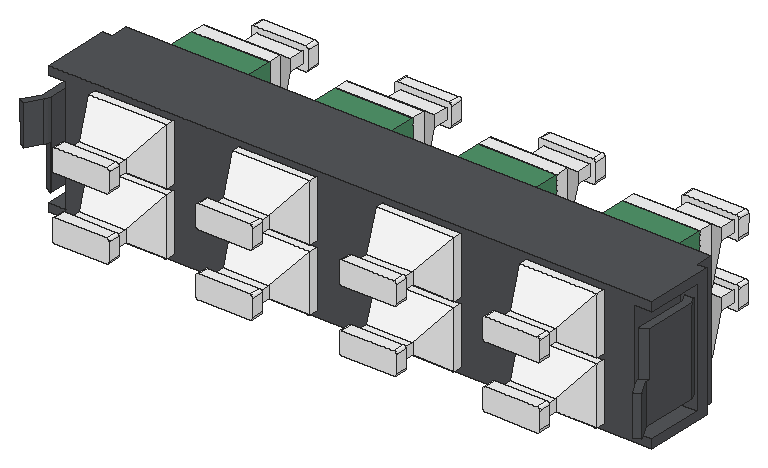
Revit family "Adaptor 8 MTP", category Installations électriques, Revit 2020 (continued)
Automatic sketch dimensions
  Extrusion 46 to Extrusion 49 sketch curve = 12 mm
  Extrusion 49 sketch curve to Extrusion 49 sketch curve = 3 mm
  plane 20 to SweptBlend 50 sketch curve = 8 mm
  SweptBlend 50 sketch curve to plane 18 = 6.75 mm
  plane 20 to SweptBlend 50 sketch curve = 2.5 mm
  profile plane to SweptBlend 50 sketch curve = 4 mm
  profile plane to SweptBlend 50 sketch curve = 1 mm
  SweptBlend 50 sketch curve to profile plane = 4 mm
  SweptBlend 50 sketch curve to SweptBlend 50 sketch curve = 2 mm
  profile plane to SweptBlend 50 sketch curve = 6.75 mm
  SweptBlend 50 sketch curve to profile plane = 6.75 mm
  SweptBlend 50 sketch curve to profile plane = 3 mm
  profile plane to SweptBlend 50 sketch curve = 7 mm
  plane 20 to SweptBlend 52 sketch curve = 8 mm
  SweptBlend 52 sketch curve to plane 23 = 6.75 mm
  plane 20 to SweptBlend 52 sketch curve = 2.5 mm
  profile plane to SweptBlend 52 sketch curve = 6.75 mm
  SweptBlend 52 sketch curve to profile plane = 6.75 mm
  SweptBlend 52 sketch curve to plane 4 "Clip bas" = 3 mm
  plane 4 "Clip bas" to SweptBlend 52 sketch curve = 7 mm
  Extrusion 51 to Extrusion 53 sketch curve = 0.5 mm  (x3)
  Extrusion 53 sketch curve to Extrusion 53 sketch curve = 0.5 mm
  Extrusion 51 to Extrusion 54 sketch curve = 1 mm
  Extrusion 51 to Extrusion 54 sketch curve = 0.5 mm  (x3)
  Extrusion 54 sketch curve to Extrusion 54 sketch curve = 0.5 mm  (x2)
  Extrusion 51 to Extrusion 54 sketch curve = 12 mm
  Extrusion 54 sketch curve to Extrusion 54 sketch curve = 3 mm
  plane 20 to SweptBlend 55 sketch curve = 8 mm
  SweptBlend 55 sketch curve to plane 23 = 6.75 mm
  plane 20 to SweptBlend 55 sketch curve = 2.5 mm
  profile plane to SweptBlend 55 sketch curve = 4 mm
  profile plane to SweptBlend 55 sketch curve = 1 mm
  SweptBlend 55 sketch curve to profile plane = 4 mm
  SweptBlend 55 sketch curve to SweptBlend 55 sketch curve = 2 mm
  profile plane to SweptBlend 55 sketch curve = 6.75 mm
  SweptBlend 55 sketch curve to profile plane = 6.75 mm
  SweptBlend 55 sketch curve to profile plane = 3 mm
  profile plane to SweptBlend 55 sketch curve = 7 mm
  Extrusion 8 sketch curve to plane 11 = 0 mm
  Extrusion 8 sketch curve to plane 12 = 0 mm
  Extrusion 8 sketch curve to plane 24 = 0 mm  (x2)
  plane 23 to Extrusion 8 sketch curve = 0 mm  (x2)
  Extrusion 8 sketch curve to plane 9 = 0 mm
  Extrusion 8 sketch curve to plane 10 = 0 mm
Types (2, lengths in mm): name | Legrand part number | Fiber optic type | EAN | E-catalogue link | Colour of the connectors | BIM wording
  Adaptor 8 MTP multimode | "032118" | "Multimode" | "3414971929234" | "https://www.legrand.fr/reference/032118/pro" | IDS_JAUNE | "Adaptor 8 MTP multimode"
  Adaptor 8 MTP single mode | "032119" | "Single mode" | "3414971929241" | "https://www.legrand.fr/reference/032119/pro" | IDS_VERT | "Adaptor 8 MTP single mode"
